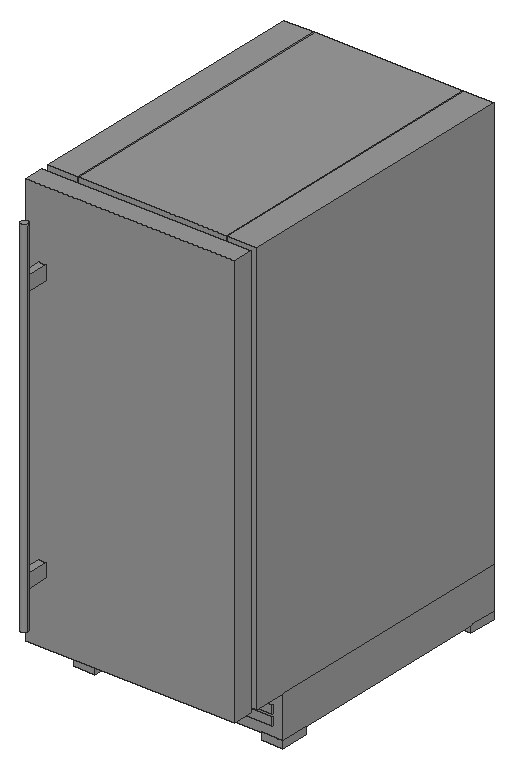
Revit family "UANP115-SS01A", category Furniture, Revit 2017
Family settings
  OmniClass Number = 23.40.20.00
  OmniClass Title = General Furniture and Specialties
  Work Plane-Based = No
  Always vertical = Yes
  Cut with Voids When Loaded = No
  Shared = No
  Room Calculation Point = No
Parameters
  Voltage/Hz = "115/60"  # constant formula
  URL = "www.yepsketch.com"
  Shipping Weight = "95 lb"  # constant formula
  Pump = "Pump Included"  # constant formula
  Model = "UANB115-SS01A"  # constant formula
  Manufacturer = "U-Line"  # constant formula
  Finish = "Stainless Solid"  # constant formula
  Door Swing = "Field Reversible"  # constant formula
  Author = "Yepsketch"  # constant formula
Reference planes
  plane 1 "Center (Front/Back)": y = 0
  plane 2: z = 0
  plane 3 "Center (Left/Right)": x = 0
  plane 4 "Door": y = -548.63
Dimensions and locks
  aligned and locked: level to plane 2
Nested families
  nested 1: "NUGGET ICE_KITCHEN_ULINE_UANB115-SS01A" at (189.706, -267.494, 0), type "NUGGET ICE_KITCHEN_ULINE_UANB115-SS01A"
  nested 2: "DOOR SS01A" at (189.706, -548.63, 0), type "SS01A"
Definition of nested family "NUGGET ICE_KITCHEN_ULINE_UANB115-SS01A"
  Parameters (values of type "NUGGET ICE_KITCHEN_ULINE_UANB115-SS01A")
    URL = ""
    Material = "Stainless steel cabinet, grille, and full-wrap door"
    Type Comments = ""
    Model = "UANB115"  # constant formula
    Manufacturer = "ULINE"  # constant formula
    Dimensions = "33 11/16\" H x 14 15/16\" W x 22 15/16\" D"
    Description = "NUGGET ICE"  # constant formula
  Reference planes
    plane 1 "Center (Front/Back)": y = 267.494
    plane 2: z = 0
    plane 3 "Center (Left/Right)": x = -189.706
  Forms (mm)
    Extrusion 1, solid
      sketch origin (0, 0, 88.9) x (1, 0, 0) y (0, 1, 0)
        loop
          line (-189.706, 267.494) -> (-189.706, -267.494) -> (-134.938, -267.494) -> (-134.937, 267.494) -> (-189.706, 267.494)
      from 0 to 749.3
    Extrusion 2, solid
      sketch origin (0, 0, 88.9) x (1, 0, 0) y (0, 1, 0)
        loop
          line (189.706, -208.756) -> (189.706, 267.494) -> (-189.706, 267.494) -> (-189.706, -208.756) -> (189.706, -208.756)
      from -76.2 to 0
    Extrusion 3, solid
      sketch origin (0, 0, 88.9) x (1, 0, 0) y (0, 1, 0)
        loop
          line (-189.706, 267.494) -> (-189.706, 216.694) -> (-151.606, 216.694) -> (-151.606, 267.494) -> (-189.706, 267.494)
        loop
          line (151.606, 267.494) -> (151.606, 216.694) -> (189.706, 216.694) -> (189.706, 267.494) -> (151.606, 267.494)
        loop
          line (-189.706, -157.956) -> (-189.706, -208.756) -> (-151.606, -208.756) -> (-151.606, -157.956) -> (-189.706, -157.956)
        loop
          line (151.606, -157.956) -> (151.606, -208.756) -> (189.706, -208.756) -> (189.706, -157.956) -> (151.606, -157.956)
      from -88.9 to -76.2
    Extrusion 4, solid
      sketch origin (0, 0, 88.9) x (1, 0, 0) y (0, 0, 1)
        loop
          line (-170.656, -25.074) -> (-170.656, -39.399) -> (-94.456, -39.399) -> (-94.456, -25.074) -> (-170.656, -25.074)
        loop
          line (-94.456, -44.124) -> (-170.656, -44.124) -> (-170.656, -58.449) -> (-94.456, -58.449) -> (-94.456, -44.124)
        loop
          line (-83.344, -25.074) -> (-83.344, -39.399) -> (83.344, -39.399) -> (83.344, -25.074) -> (-83.344, -25.074)
        loop
          line (-83.344, -44.124) -> (-83.344, -58.449) -> (83.344, -58.449) -> (83.344, -44.124) -> (-83.344, -44.124)
        loop
          line (94.456, -25.074) -> (94.456, -39.399) -> (170.656, -39.399) -> (170.656, -25.074) -> (94.456, -25.074)
        loop
          line (94.456, -44.124) -> (94.456, -58.449) -> (170.656, -58.449) -> (170.656, -44.124) -> (94.456, -44.124)
      from 208.756 to 209.424
    Extrusion 5, solid
      sketch origin (0, 0, 433.387) x (1, 0, 0) y (0, 0, 1)
        loop
          line (-90.335, 79.212) -> (-90.335, 53.812) -> (87.465, 53.812) -> (87.465, 79.212) -> (-90.335, 79.212)
      from 264.319 to 265.863
    Blend 6, solid
      base sketch origin (0, 0, 71.437) x (1, 0, 0) y (0, 1, 0)
        loop
          line (-134.938, -264.319) -> (134.937, -264.319) -> (134.937, -208.756) -> (-134.938, -208.756) -> (-134.938, -264.319)
      top sketch origin (0, 0, 71.437) x (1, 0, 0) y (0, 1, 0)
        loop
          line (134.937, -264.319) -> (134.937, -261.743) -> (-134.938, -261.743) -> (-134.938, -264.319) -> (134.937, -264.319)
      from 384.587 to 477.837
    Extrusion 7, solid
      sketch origin (0, 267.494, 0) x (1, 0, 0) y (0, 0, 1)
        loop
          line (-176.708, 820.364) -> (-176.708, 102.352) -> (178.839, 102.352) -> (178.839, 820.364) -> (-176.708, 820.364)
        loop
          line (-164.008, 115.052) -> (166.139, 115.052) -> (166.139, 528.264) -> (-164.008, 528.264) -> (-164.008, 115.052)
        loop
          line (-164.008, 807.664) -> (-164.008, 540.964) -> (166.139, 540.964) -> (166.139, 807.664) -> (-164.008, 807.664)
      from 534.988 to 548.63
    Extrusion 8, solid
      sketch origin (-189.706, 0, 0) x (0, 1, 0) y (0, 0, 1)
        loop
          line (267.494, 838.2) -> (-267.494, 838.2) -> (-267.494, 808.038) -> (248.444, 808.038) -> (248.444, 456.025) -> (-208.756, 456.025) -> (-267.494, 456.025) -> (-267.494, 88.9) -> (267.494, 88.9) -> (267.494, 838.2)
      from 54.769 to 324.644
    Extrusion 9, solid
      sketch origin (380.072, 26.577, 88.9) x (1, 0, 0) y (0, 1, 0)
        loop
          line (-245.134, 240.917) -> (-245.134, -294.071) -> (-190.366, -294.071) -> (-190.366, 240.917) -> (-245.134, 240.917)
      from 0 to 749.3
  Lines and regions (mm)
    reference lines, not visible
      curve 1: line (-170.656, 0, -15.875) -> (-119.856, 0, -15.875)
      curve 2: line (-170.656, 0, -22.225) -> (-170.656, 0, -15.875)
      curve 3: line (-119.856, 0, -22.225) -> (-170.656, 0, -22.225)
      curve 4: line (-119.856, 0, -15.875) -> (-119.856, 0, -22.225)
      curve 8: line (-94.456, 0, -23.85) -> (-170.656, 0, -23.85)
    model lines, not visible
      curve 5: line (-170.656, 0, -9.525) -> (-94.456, 0, -9.525)
      curve 6: line (-170.656, 0, -28.575) -> (-170.656, 0, -9.525)
      curve 7: line (-94.456, 0, -9.525) -> (-94.456, 0, -23.85)
  Dimensions and locks
    Extrusion 8 to Extrusion 8 = 534.987 mm
    Extrusion 1 to Extrusion 9 = 379.413 mm
    Extrusion 2 to level = 88.9 mm
    aligned and locked: level to plane 2
Definition of nested family "DOOR SS01A"
  Parameters (values of type "SS01A")
    URL = ""
    Type Comments = ""
    Model = "SS01A"  # constant formula
    Manufacturer = "ULINE"  # constant formula
    Description = "DOOR"  # constant formula
    Default Elevation = 1219.2 mm
    DOOR SS01A = none
  Reference planes
    plane 1 "Center (Front/Back)": y = 0
    plane 2: z = 0
    plane 3 "Center (Left/Right)": x = -189.706
  Forms (mm)
    Extrusion 1, solid
      sketch origin (0, 279.4, 88.9) x (1, 0, 0) y (0, 1, 0)
        loop
          line (-189.706, -279.4) -> (-189.706, -315.119) -> (189.706, -315.119) -> (189.706, -279.4) -> (-189.706, -279.4)
      from 0 to 749.3
    Extrusion 2, solid
      sketch origin (0, 279.4, 58.738) x (1, 0, 0) y (0, 1, 0)
        loop
          circle (-158.75, -356.394) r 6.35
      from 76.2 to 736.6
    Extrusion 3, solid
      sketch origin (0, 279.4, 76.2) x (1, 0, 0) y (0, 1, 0)
        loop
          line (-152.4, -356.394) -> (-152.4, -315.119) -> (-165.1, -315.119) -> (-165.1, -356.394)
          arc (-165.1, -356.394) -> (-158.75, -350.044) -> (-152.4, -356.394) r 6.35
      from 609.6 to 635
    Extrusion 4, solid
      sketch origin (0, 279.4, 76.2) x (1, 0, 0) y (0, 1, 0)
        loop
          line (-152.4, -356.394) -> (-152.4, -315.119) -> (-165.1, -315.119) -> (-165.1, -356.394)
          arc (-165.1, -356.394) -> (-158.75, -350.044) -> (-152.4, -356.394) r 6.35
      from 127 to 152.4
  Lines and regions (mm)
    reference lines, not visible
      curve 1: line (-170.656, 0, -15.875) -> (-119.856, 0, -15.875)
      curve 2: line (-170.656, 0, -22.225) -> (-170.656, 0, -15.875)
      curve 3: line (-119.856, 0, -22.225) -> (-170.656, 0, -22.225)
      curve 4: line (-119.856, 0, -15.875) -> (-119.856, 0, -22.225)
      curve 8: line (-94.456, 0, -23.85) -> (-170.656, 0, -23.85)
    model lines, not visible
      curve 5: line (-170.656, 0, -9.525) -> (-94.456, 0, -9.525)
      curve 6: line (-170.656, 0, -28.575) -> (-170.656, 0, -9.525)
      curve 7: line (-94.456, 0, -9.525) -> (-94.456, 0, -23.85)
  Dimensions and locks
    aligned and locked: level to plane 2
